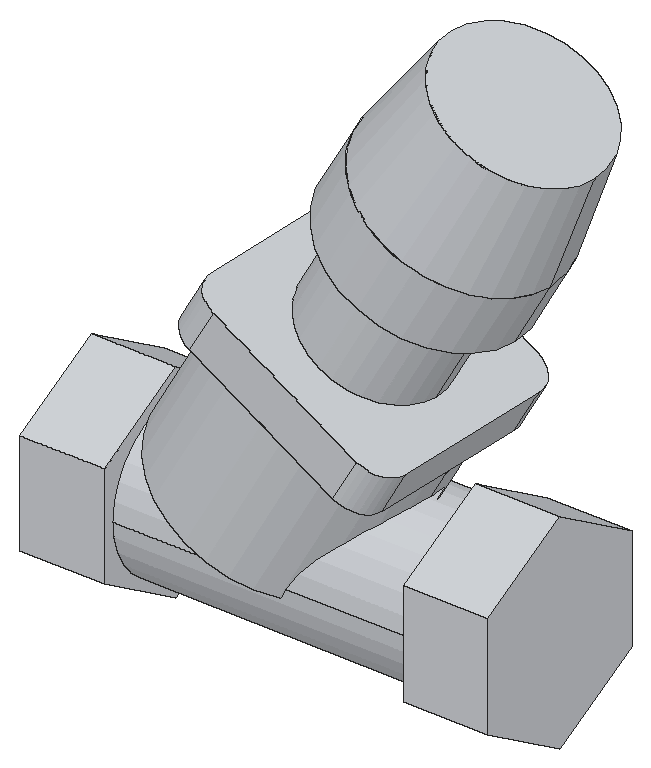
Revit family "OPTIMA_Compact_FF_DN20_5,5_RFA_2019", category Pipe Accessories, Revit 2019
Family settings
  Round Connector Dimension = Use Diameter
  Part Type = Valve - Breaks Into
  Work Plane-Based = No
  Always vertical = Yes
  Cut with Voids When Loaded = No
  Shared = No
Parameters (values of type "OPTIMA Compact DN20 F-F 5.5mm")
  magiProductId = "3f04956b0a9346f48e327241883a91"
  magiProductFamilyId = "52eeb9fa0c9d42c987a78ea14b42d3"
  magiPartTypeId = 304
  isMeasuringValve [instance] = no
  ang2D [instance] = 0.00°
  Z = 0 mm
  X = 10 mm
  W2D = 32 mm
  VersionID = "2.0/2018.8.28.1/FRESE_OPTIMA-COMPACT-FF_001"
  Use Minimum Symbol Size [instance] = yes
  URL = "www.hydronix.cz"
  Type Comments = "vnitřní závit; PN25; 0~120°C, bez měřicích vsuvek"
  R9 = 8 mm
  R8 = 14 mm
  R7 = 17 mm
  R6 = 12 mm
  R5 = 5 mm
  R4 = 19 mm
  R3 = 19 mm
  R2 = 13.5 mm
  R1 = 17.5 mm
  QmdConnectorList = "301;D;302;D"
  Productdata [instance] = ""
  PLG0 = no
  Manufacturer = "Hydronix"
  MC Product Code = "53-1318  (3/4\" F-F; 5.5mm; Qmin-dpmin 300l/h-17.8kPa; Qmax-dpmin 1800l/h-40.0Pa; dpmax 800kPa)"
  MC Piping Given Pressure Drop [instance] = 0.0 Pa
  LL = 39.5 mm
  L3 = 11 mm
  L2D_Min = 3048 mm
  L2D = 104 mm
  L2 = 50.56 mm
  L1__ve = -L1  # -14.22 mm
  L1 = 14.22 mm
  H6__ve = -H6  # -59.5 mm
  H6 = 59.5 mm
  H5 = 20 mm
  H4 = 12 mm
  H3 = 18 mm
  H2 = 8 mm
  H1 = 26 mm
  Description = "Tlakově nezávislý 2-cestný regulační vyvažovací ventil (PICV)"
  D = 20 mm
  CenSd_R1_6 = R1 * cos(30.00°)  # 15.155 mm
  A = 30.00°
Types (6, lengths in mm): name | magiProductId | Z | X | R4 | R3 | R2 | R1 | MC Product Code | LL | L3 | L2 | L1__ve | L1 | H6__ve | H6 | H3 | H2 | H1 | D | CenSd_R1_6
  OPTIMA Compact DN32 F-F 5.5mm | "b339906595e54d959f7e36e14a5078" | 1 | 13 | 29 | 31.5 | 22 | 26 | "53-1354  (5/4\" F-F; 5.5mm; Qmin-dpmin 550l/h-17.9kPa; Qmax-dpmin 4001l/h-28.0kPa; dpmax 800kPa)" | 52 | 12.5 | 66.56 | -18.72 | 18.72 | -68 | 68 | 16 | 10 | 46 | 32 | 22.517
  OPTIMA Compact DN15 F-F 2.5mm | "1f59e983221c4705b905dca277ac1b" | 0 | 7 | 19 | 19 | 12 | 15 | "53-1344  (1/2\" F-F; 2.5mm; Qmin-dpmin 100l/h-14.9kPa; Qmax-dpmin 575l/h-18.5kPa; dpmax 800kPa)" | 37.5 | 11 | 48 | -13.5 | 13.5 | -57 | 57 | 18 | 8 | 26 | 15 | 12.99
  OPTIMA Compact DN15 F-F 5.0mm | "ed735bb751334d9b9367ccb2001bd8" | 0 | 7 | 19 | 19 | 12 | 15 | "53-1345  (1/2\" F-F; 5.0mm; Qmin-dpmin 220l/h-16.0kPa; Qmax-dpmin 1330l/h-21.6Pa; dpmax 800kPa)" | 37.5 | 11 | 48 | -13.5 | 13.5 | -57 | 57 | 18 | 8 | 26 | 15 | 12.99
  OPTIMA Compact DN20 F-F 5.0mm | "3fe8f468b8a34e8b9375925b2f5228" | 0 | 10 | 19 | 19 | 13.5 | 17.5 | "53-1348  (3/4\" F-F; 5.0mm; Qmin-dpmin 220l/h-16.0kPa; Qmax-dpmin 1330l/h-21.6Pa; dpmax 800kPa)" | 39.5 | 11 | 50.56 | -14.22 | 14.22 | -59.5 | 59.5 | 18 | 8 | 26 | 20 | 15.155
  OPTIMA Compact DN20 F-F 5.5mm | "3f04956b0a9346f48e327241883a91" | 0 | 10 | 19 | 19 | 13.5 | 17.5 | "53-1318  (3/4\" F-F; 5.5mm; Qmin-dpmin 300l/h-17.8kPa; Qmax-dpmin 1800l/h-40.0Pa; dpmax 800kPa)" | 39.5 | 11 | 50.56 | -14.22 | 14.22 | -59.5 | 59.5 | 18 | 8 | 26 | 20 | 15.155
  OPTIMA Compact DN25 F-F 5.5mm | "a6a3417af38f4ebebee56b059e5e27" | 0 | 13 | 29 | 31.5 | 18.5 | 22 | "53-1353  (1\" F-F; 5.5mm; Qmin-dpmin 600l/h-17.3kPa; Qmax-dpmin 3609l/h-23.0Pa; dpmax 800kPa)" | 50 | 12.5 | 64 | -18 | 18 | -64 | 64 | 16 | 10 | 43 | 25 | 19.053
Reference planes
  plane 1 "Center (Front/Back)": y = 0
  plane 2 "XYPLANE": z = 0
  plane 3 "Center (Left/Right)": x = 0
  plane 4 "267": x = 11
  plane 5 "266": x = -11
  plane 6 "252": through (-607.519, 0, 447.746) normal (0.5, 0, 0.866)
  plane 7 "250": through (-617.519, 0, 430.426) normal (0.5, 0, 0.866)
  plane 8 "248": through (-623.519, 0, 420.033) normal (0.5, 0, 0.866)
  plane 9 "245": through (-632.519, 0, 404.445) normal (0.5, 0, 0.866)
  plane 10 "241": through (349.885, 0, 664.019) normal (0.866, 0, -0.5)
  plane 11 "240": through (382.794, 0, 645.019) normal (0.866, 0, -0.5)
  plane 12 "239": y = -19
  plane 13 "238": y = 19
  plane 14 "237": through (-636.519, 0, 397.517) normal (0.5, 0, 0.866)
  plane 15 "235": through (-649.519, 0, 375) normal (0.5, 0, 0.866)
  plane 16 "231": y = 0
  plane 17 "230": through (366.34, 0, 654.519) normal (0.866, 0, -0.5)
  plane 18 "211": x = -25.28
  plane 19 "204": x = 39.5
  plane 20 "203": x = -39.5
  plane 21 "202": x = 0
  plane 22 "201": z = 0
  plane 23 "200": y = 0
  plane 24 "227XY": through (-649.519, 0, 375) normal (0.5, 0, 0.866)
  plane 25 "227XZ": y = 0
  plane 26 "227YZ": through (375, 0, 649.519) normal (0.866, 0, -0.5)
Forms (mm)
  Extrusion 1, solid
    sketch origin (39.5, -750, 0) x (0, 1, 0) y (0, 0, 1)
      loop
        line (750, 17.5) -> (734.845, 8.75) -> (734.845, -8.75) -> (750, -17.5) -> (765.155, -8.75) -> (765.155, 8.75) -> (750, 17.5)
    from 0 to -14.22 <- "L1__ve"
  Extrusion 2, solid
    sketch origin (-39.5, -750, 0) x (0, 1, 0) y (0, 0, 1)
      loop
        line (750, 17.5) -> (734.845, 8.75) -> (734.845, -8.75) -> (750, -17.5) -> (765.155, -8.75) -> (765.155, 8.75) -> (750, 17.5)
    from 0 to 14.22 <- "L1"
  Extrusion 3, solid, visible <- "PLG0"
    sketch origin (-750, 0, 0) x (1, 0, 0) y (0, 1, 0)
      loop
        circle (761, 0) r 8
    from 0 to -59.5 <- "H6__ve"
  Extrusion 4, solid, visible <- "PLG0"
    sketch origin (-750, 0, 0) x (1, 0, 0) y (0, 1, 0)
      loop
        circle (739, 0) r 8
    from 0 to -59.5 <- "H6__ve"
  Blend 5, solid
    base sketch origin (-617.519, 0, 430.426) x (0.866025, 0, -0.5) y (0, 1, 0)
      loop
        circle (740, 0) r 17
    top sketch origin (-617.519, 0, 430.426) x (0.866025, 0, -0.5) y (0, 1, 0)
      loop
        circle (740, 0) r 14
    from 0 to 20
  Extrusion 6, solid
    sketch origin (-623.519, 0, 420.033) x (0.866025, 0, -0.5) y (0, 1, 0)
      loop
        circle (740, 0) r 17
    from 0 to 12 <- "H4"
  Extrusion 7, solid
    sketch origin (-632.519, 0, 404.445) x (0.866025, 0, -0.5) y (0, 1, 0)
      loop
        circle (740, 0) r 12
    from 0 to 18 <- "H3"
  Extrusion 8, solid
    sketch origin (-636.519, 0, 397.517) x (0.866025, 0, -0.5) y (0, 1, 0)
      loop
        arc (726, 19) -> (722.464, 17.536) -> (721, 14) r 5
        line (721, 14) -> (721, -14)
        arc (721, -14) -> (722.464, -17.536) -> (726, -19) r 5
        line (726, -19) -> (754, -19)
        arc (754, -19) -> (757.536, -17.536) -> (759, -14) r 5
        line (759, -14) -> (759, 14)
        arc (759, 14) -> (757.536, 17.536) -> (754, 19) r 5
        line (754, 19) -> (726, 19)
    from 0 to 8 <- "H2"
  Extrusion 9, solid
    sketch origin (-649.519, 0, 375) x (0.866025, 0, -0.5) y (0, 1, 0)
      loop
        circle (740, 0) r 19
    from 0 to 26 <- "H1"
  Extrusion 10, solid
    sketch origin (-25.28, -750, 0) x (0, 1, 0) y (0, 0, 1)
      loop
        circle (750, 0) r 13.5
    from 0 to 50.56 <- "L2"
  Extrusion 11, solid, not visible
    sketch origin (39.5, -750, 0) x (0, 1, 0) y (0, 0, 1)
      loop
        circle (750, 0) r 10
    from 0 to -10
  Extrusion 12, solid, not visible
    sketch origin (-39.5, -750, 0) x (0, 1, 0) y (0, 0, 1)
      loop
        circle (750, 0) r 10
    from 0 to 10
Lines and regions (mm)
  reference lines, not visible
    curve 1: circle (2, 2, 0) r 1 normal (0, 0, 1)
  reference lines
    curve 2: line (39.5, 0, 0) -> (39.5, -11.258, -6.5)
    curve 3: line (39.5, 0, 0) -> (39.5, 0, -13)
    curve 4: line (39.5, 0, 0) -> (39.5, 11.258, -6.5)
    curve 5: line (-39.5, 0, 0) -> (-39.5, 11.258, -6.5)
    curve 6: line (-39.5, 0, 0) -> (-39.5, 0, -13)
    curve 7: line (-39.5, 0, 0) -> (-39.5, -11.258, -6.5)
Dimensions and locks
  plane 1 "Center (Front/Back)" to curve 1 = 2 mm
  "L3": plane 3 "Center (Left/Right)" to plane 4 "267"
  "L3": plane 3 "Center (Left/Right)" to plane 5 "266"
  "H5": plane 7 "250" to plane 6 "252"
  "H4": plane 8 "248" to plane 7 "250"
  "H3": plane 9 "245" to plane 8 "248"
  "H2": plane 14 "237" to plane 9 "245"
  "R4": plane 17 "230" to plane 10 "241"
  "R4": plane 17 "230" to plane 11 "240"
  "R4": plane 23 "200" to plane 12 "239"
  "R4": plane 23 "200" to plane 13 "238"
  "H1": plane 15 "235" to plane 14 "237"
  "Z": plane 24 "227XY" to plane 15 "235"
  locked: plane 23 "200" to plane 16 "231"
  "X": plane 26 "227YZ" to plane 17 "230"
  "L1": plane 20 "203" to plane 18 "211"
  "LL": plane 3 "Center (Left/Right)" to plane 19 "204"
  "LL": plane 3 "Center (Left/Right)" to plane 20 "203"
  locked: plane 3 "Center (Left/Right)" to plane 21 "202"
  locked: plane 2 "XYPLANE" to plane 22 "201"
  locked: plane 1 "Center (Front/Back)" to plane 23 "200"
  "CenSd_R1_6": curve 2 to Extrusion 1 sketch curve  (x2)
  "CenSd_R1_6": curve 3 to Extrusion 1 sketch curve  (x2)
  "CenSd_R1_6": curve 4 to Extrusion 1 sketch curve  (x2)
  Extrusion 1 sketch curve to Extrusion 1 sketch curve = 0 mm  (x12)
  "CenSd_R1_6": curve 5 to Extrusion 2 sketch curve  (x2)
  "CenSd_R1_6": curve 6 to Extrusion 2 sketch curve  (x2)
  "CenSd_R1_6": curve 7 to Extrusion 2 sketch curve  (x2)
  Extrusion 2 sketch curve to Extrusion 2 sketch curve = 0 mm  (x12)
  Extrusion 8 sketch curve to Extrusion 8 sketch curve = 0 mm  (x16)
  "R9": radius of Extrusion 3 sketch curve
  "R9": radius of Extrusion 4 sketch curve
  "R8": radius of Blend 5 sketch curve
  "R7": radius of Blend 5 sketch curve
  "R7": radius of Extrusion 6 sketch curve
  "R6": radius of Extrusion 7 sketch curve
  "R5": radius of Extrusion 8 sketch curve  (x4)
  "R3": radius of Extrusion 9 sketch curve
  "R2": radius of Extrusion 10 sketch curve
  locked: curve 3 to curve 2 (angle 60.00°)
  locked: curve 4 to curve 3 (angle 60.00°)
  locked: curve 4 to curve 2 (angle 120.00°)
  locked: curve 6 to curve 5 (angle 60.00°)
  locked: curve 7 to curve 6 (angle 60.00°)
  locked: curve 7 to curve 5 (angle 120.00°)
  aligned and locked: level to plane 2 "XYPLANE"
  aligned and locked: plane 22 "201" to curve 4
  aligned and locked: curve 4 to plane 23 "200"
  aligned and locked: plane 22 "201" to curve 7
  aligned and locked: curve 7 to plane 23 "200"
  aligned and locked: plane 4 "267" to Extrusion 3 sketch curve
  aligned and locked: plane 23 "200" to Extrusion 3 sketch curve
  aligned and locked: plane 5 "266" to Extrusion 4 sketch curve
  aligned and locked: plane 23 "200" to Extrusion 4 sketch curve
  aligned and locked: plane 16 "231" to Blend 5 sketch curve  (x2)
  aligned and locked: Blend 5 sketch curve to plane 17 "230"  (x2)
  aligned and locked: plane 6 "252" to Blend 5
  aligned and locked: plane 16 "231" to Extrusion 6 sketch curve
  aligned and locked: Extrusion 6 sketch curve to plane 17 "230"
  aligned and locked: plane 16 "231" to Extrusion 7 sketch curve
  aligned and locked: Extrusion 7 sketch curve to plane 17 "230"
  aligned and locked: Extrusion 8 sketch curve to plane 10 "241"
  aligned and locked: Extrusion 8 sketch curve to plane 12 "239"
  aligned and locked: Extrusion 8 sketch curve to plane 11 "240"
  aligned and locked: plane 13 "238" to Extrusion 8 sketch curve
  aligned and locked: plane 16 "231" to Extrusion 9 sketch curve
  aligned and locked: Extrusion 9 sketch curve to plane 17 "230"
  aligned and locked: plane 22 "201" to Extrusion 10 sketch curve
  aligned and locked: Extrusion 10 sketch curve to plane 23 "200"
  aligned and locked: plane 22 "201" to Extrusion 11 sketch curve
  aligned and locked: Extrusion 11 sketch curve to plane 23 "200"
  aligned and locked: plane 22 "201" to Extrusion 12 sketch curve
  aligned and locked: Extrusion 12 sketch curve to plane 23 "200"
Automatic sketch dimensions
  plane 1 "Center (Front/Back)" to Extrusion 11 sketch curve = 10 mm
  plane 1 "Center (Front/Back)" to Extrusion 12 sketch curve = 10 mm
  plane 3 "Center (Left/Right)" to curve 1 = 2 mm
  radius of curve 1 = 1 mm
Connectors
  piping at (-39.5, 0, 0), diameter 20, driven by "D"
    settings: on Extrusion 12, index 1, connector inside diameter 609.6 mm, connector length 0 mm, flow factor 0, pipe flow 0.0 L/s, pressure drop 0.0 Pa, fitting loss kfactor 0, connector angle 0.00°, fixture units 0, engagement length 0 mm, angle of deflection 0.00°, flow configuration 0, flow direction 0, fitting loss method 0, system type 29, joint type 0, gender type 0, connector reference index 2, connector utility 0, adjustable connector no, is connector primary yes, connector description ""
  piping at (39.5, 0, 0), diameter 20, driven by "D"
    settings: on Extrusion 11, index 2, connector inside diameter 609.6 mm, connector length 0 mm, flow factor 0, pipe flow 0.0 L/s, pressure drop 0.0 Pa, fitting loss kfactor 0, connector angle 0.00°, fixture units 0, engagement length 0 mm, angle of deflection 0.00°, flow configuration 0, flow direction 0, fitting loss method 0, system type 29, joint type 0, gender type 0, connector reference index 1, connector utility 0, adjustable connector no, is connector primary no, connector description ""
